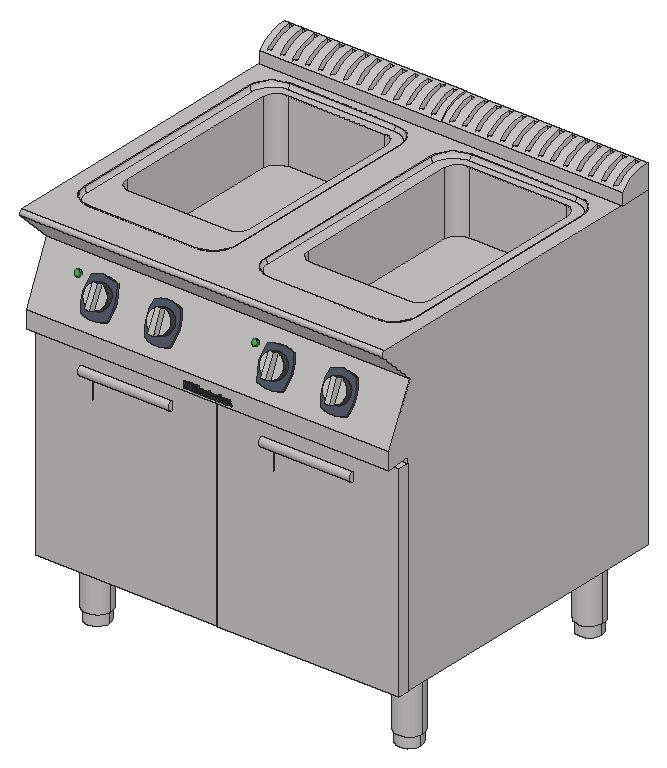
Revit family "QF_ELECTROLUXPROFESSIONAL_371099_E7PCEH2KF0", category Specialty Equipment, Revit 2018 (continued)
Automatic sketch dimensions
  Extrusion 19 sketch curve to plane 7 "Center Y" = 126.721 mm
  Extrusion 19 sketch curve to Extrusion 19 sketch curve = 9.296 mm
  Extrusion 19 sketch curve to Extrusion 19 sketch curve = 57.15 mm
  plane 1 "BACK" to Extrusion 20 sketch curve = 6.761 mm
  Extrusion 20 sketch curve to plane 7 "Center Y" = 98.878 mm
  Extrusion 20 sketch curve to Extrusion 20 sketch curve = 9.296 mm
  Extrusion 20 sketch curve to Extrusion 20 sketch curve = 57.15 mm
  plane 1 "BACK" to Extrusion 21 sketch curve = 6.761 mm
  Extrusion 21 sketch curve to plane 7 "Center Y" = 71.036 mm
  Extrusion 21 sketch curve to Extrusion 21 sketch curve = 9.296 mm
  Extrusion 21 sketch curve to Extrusion 21 sketch curve = 57.15 mm
  plane 1 "BACK" to Extrusion 22 sketch curve = 6.761 mm
  Extrusion 22 sketch curve to plane 7 "Center Y" = 43.194 mm
  Extrusion 22 sketch curve to Extrusion 22 sketch curve = 9.296 mm
  Extrusion 22 sketch curve to Extrusion 22 sketch curve = 57.15 mm
  Extrusion 24 sketch curve to plane 1 "BACK" = 6.761 mm
  Extrusion 24 sketch curve to plane 7 "Center Y" = 15.351 mm
  Extrusion 24 sketch curve to Extrusion 24 sketch curve = 9.296 mm
  Extrusion 24 sketch curve to Extrusion 24 sketch curve = 57.15 mm
  Extrusion 31 sketch curve to plane 1 "BACK" = 6.761 mm
  Extrusion 31 sketch curve to plane 7 "Center Y" = 182.405 mm
  Extrusion 31 sketch curve to Extrusion 31 sketch curve = 9.296 mm
  Extrusion 31 sketch curve to Extrusion 31 sketch curve = 57.15 mm
  Extrusion 32 sketch curve to plane 1 "BACK" = 6.761 mm
  Extrusion 32 sketch curve to plane 7 "Center Y" = 154.563 mm
  Extrusion 32 sketch curve to Extrusion 32 sketch curve = 9.296 mm
  Extrusion 32 sketch curve to Extrusion 32 sketch curve = 57.15 mm
  Extrusion 33 sketch curve to plane 1 "BACK" = 6.761 mm
  Extrusion 33 sketch curve to plane 7 "Center Y" = 126.721 mm
  Extrusion 33 sketch curve to Extrusion 33 sketch curve = 9.296 mm
  Extrusion 33 sketch curve to Extrusion 33 sketch curve = 57.15 mm
  Extrusion 34 sketch curve to plane 1 "BACK" = 6.761 mm
  Extrusion 34 sketch curve to plane 7 "Center Y" = 98.878 mm
  Extrusion 34 sketch curve to Extrusion 34 sketch curve = 9.296 mm
  Extrusion 34 sketch curve to Extrusion 34 sketch curve = 57.15 mm
  Extrusion 35 sketch curve to plane 1 "BACK" = 6.761 mm
  Extrusion 35 sketch curve to plane 7 "Center Y" = 71.036 mm
  Extrusion 35 sketch curve to Extrusion 35 sketch curve = 9.296 mm
  Extrusion 35 sketch curve to Extrusion 35 sketch curve = 57.15 mm
  Extrusion 36 sketch curve to plane 1 "BACK" = 6.761 mm
  Extrusion 36 sketch curve to plane 7 "Center Y" = 43.194 mm
  Extrusion 36 sketch curve to Extrusion 36 sketch curve = 9.296 mm
  Extrusion 36 sketch curve to Extrusion 36 sketch curve = 57.15 mm
  plane 1 "BACK" to Extrusion 37 sketch curve = 0 mm
  plane 7 "Center Y" to Extrusion 37 sketch curve = 1.587 mm
  Extrusion 37 sketch curve to plane 7 "Center Y" = 1.588 mm
  Extrusion 37 sketch curve to plane 1 "BACK" = 69.85 mm
  Extrusion 39 sketch curve to plane 5 "FRONT" = 42.863 mm
  Extrusion 39 sketch curve to Extrusion 39 sketch curve = 15 mm
  Extrusion 39 sketch curve to plane 9 "BASE" = 101.212 mm
  Extrusion 39 sketch curve to Extrusion 39 sketch curve = 41.212 mm
  Extrusion 40 sketch curve to plane 5 "FRONT" = 42.863 mm
  Extrusion 40 sketch curve to plane 9 "BASE" = 60 mm
  Extrusion 40 sketch curve to Extrusion 40 sketch curve = 10 mm
  Extrusion 41 sketch curve to plane 5 "FRONT" = 42.863 mm
  Extrusion 41 sketch curve to Extrusion 41 sketch curve = 15 mm
  Extrusion 41 sketch curve to plane 9 "BASE" = 60 mm
  Extrusion 41 sketch curve to Extrusion 41 sketch curve = 41.212 mm
  Extrusion 42 sketch curve to plane 5 "FRONT" = 42.863 mm
  Extrusion 42 sketch curve to plane 9 "BASE" = 40 mm
  Extrusion 42 sketch curve to Extrusion 42 sketch curve = 10 mm
  Revolve 43 sketch curve to level = 0 mm
  Revolve 43 sketch curve to plane 14 = 0 mm  (x2)
  level to Revolve 43 sketch curve = 25 mm
  Revolve 43 sketch curve to Revolve 43 sketch curve = 20 mm
  plane 3 "LEFT" to Revolve 43 sketch curve = 56 mm
  Revolve 43 sketch curve to Revolve 43 sketch curve = 0 mm
  plane 3 "LEFT" to Revolve 43 sketch curve = 29.75 mm
  plane 3 "LEFT" to Revolve 43 sketch curve = 26 mm
  Revolve 44 sketch curve to level = 0 mm
  Revolve 44 sketch curve to plane 14 = 0 mm  (x2)
  level to Revolve 44 sketch curve = 25 mm
  Revolve 44 sketch curve to Revolve 44 sketch curve = 20 mm
  plane 3 "LEFT" to Revolve 44 sketch curve = 56 mm
  Revolve 44 sketch curve to Revolve 44 sketch curve = 0 mm
  plane 3 "LEFT" to Revolve 44 sketch curve = 29.75 mm
  plane 3 "LEFT" to Revolve 44 sketch curve = 26 mm
  Sweep 50 sketch curve to plane 11 = 2.62 mm  (x2)
  Sweep 50 sketch curve to plane 7 "Center Y" = 33.337 mm
  plane 11 to Sweep 50 sketch curve = 47.38 mm
  Sweep 50 sketch curve to plane 12 = 57.513 mm
  Sweep 50 sketch curve to Sweep 50 sketch curve = 50 mm  (x2)
  plane 3 "LEFT" to Sweep 50 sketch curve = 83.338 mm
  profile plane to Sweep 50 sketch curve = 0 mm
  Sweep 50 sketch curve to plane 10 "TOP A" = 0 mm
  Sweep 50 sketch curve to profile plane = 5.055 mm
  Sweep 50 sketch curve to profile plane = 14.151 mm
  Extrusion 2 sketch curve to plane 10 "TOP A" = 0 mm
  Extrusion 2 sketch curve to plane 1 "BACK" = 0 mm
  Extrusion 2 sketch curve to plane 6 "TOP" = 0 mm
  plane 1 "BACK" to Extrusion 2 sketch curve = 1.769 mm
  plane 10 "TOP A" to Extrusion 2 sketch curve = 25.4 mm
  plane 1 "BACK" to Extrusion 2 sketch curve = 69.85 mm
  Extrusion 3 sketch curve to plane 12 = 7.513 mm  (x3)
  Extrusion 3 sketch curve to plane 4 "RIGHT" = 33.338 mm
  Extrusion 3 sketch curve to plane 12 = 57.513 mm
  Extrusion 3 sketch curve to plane 11 = 2.62 mm  (x3)
  Extrusion 3 sketch curve to Extrusion 3 sketch curve = 50 mm  (x3)
  plane 7 "Center Y" to Extrusion 3 sketch curve = 83.337 mm
  Extrusion 3 sketch curve to plane 7 "Center Y" = 33.337 mm
  plane 11 to Extrusion 3 sketch curve = 47.38 mm
  plane 3 "LEFT" to Extrusion 3 sketch curve = 83.338 mm  (x2)
  Extrusion 5 sketch curve to Extrusion 1 = 31.333 mm  (x8)
  Extrusion 5 sketch curve to Extrusion 5 sketch curve = 12.3 mm  (x12)
  Extrusion 5 sketch curve to Extrusion 5 sketch curve = 34.925 mm  (x6)
  Extrusion 5 sketch curve to Extrusion 5 sketch curve = 0 mm  (x2)
  Extrusion 1 to Extrusion 5 sketch curve = 44.467 mm  (x4)
  Extrusion 1 to Extrusion 5 sketch curve = 76.335 mm
  Extrusion 5 sketch curve to Extrusion 5 sketch curve = 25.727 mm  (x8)
  Extrusion 5 sketch curve to Extrusion 5 sketch curve = 28.575 mm  (x4)
  Extrusion 5 sketch curve to Extrusion 5 sketch curve = 31.396 mm  (x2)
  Extrusion 5 sketch curve to Extrusion 5 sketch curve = 140.219 mm
  Extrusion 6 sketch curve to Extrusion 6 sketch curve = 0 mm  (x3)
  Extrusion 6 sketch curve to Extrusion 6 sketch curve = 140 mm
  Extrusion 6 sketch curve to Extrusion 6 sketch curve = 248.937 mm
  Extrusion 6 sketch curve to Extrusion 6 sketch curve = 139.885 mm
  Extrusion 7 sketch curve to Extrusion 7 sketch curve = 24.732 mm  (x4)
  Extrusion 7 sketch curve to Extrusion 7 sketch curve = 0 mm  (x4)
  Extrusion 1 to Extrusion 8 sketch curve = 39.678 mm  (x2)
  Extrusion 1 to Extrusion 8 sketch curve = 324.515 mm
  Extrusion 1 to Extrusion 8 sketch curve = 83.473 mm
  plane 1 "BACK" to Extrusion 9 sketch curve = 0 mm
  Extrusion 9 sketch curve to plane 3 "LEFT" = 0 mm
  Extrusion 9 sketch curve to plane 4 "RIGHT" = 0 mm
  Extrusion 9 sketch curve to plane 3 "LEFT" = 150.019 mm
  plane 5 "FRONT" to Extrusion 9 sketch curve = 1.377 mm  (x2)
  plane 4 "RIGHT" to Extrusion 9 sketch curve = 150.019 mm
  Extrusion 9 sketch curve to plane 1 "BACK" = 150.019 mm
  curve 129 to curve 151 = 0 mm  (x2)
  curve 131 to curve 145 = 0 mm
  curve 133 to curve 147 = 0 mm  (x2)
  curve 135 to curve 149 = 0 mm  (x2)
  curve 153 to curve 175 = 0 mm  (x2)
  curve 155 to curve 169 = 0 mm  (x2)
  curve 157 to curve 171 = 0 mm
  curve 159 to curve 173 = 0 mm  (x2)
  curve 98 to plane 4 "RIGHT" = 0 mm
  curve 7 to plane 4 "RIGHT" = 0 mm
  plane 5 "FRONT" to curve 99 = 0 mm
  plane 1 "BACK" to curve 93 = 0 mm
  curve 5 to plane 3 "LEFT" = 0 mm
  curve 96 to plane 3 "LEFT" = 0 mm
  plane 4 "RIGHT" to curve 3 = 150.019 mm
  curve 52 to plane 4 "RIGHT" = 13.453 mm
  curve 52 to curve 51 = 9.296 mm
  curve 157 to plane 11 = 2.62 mm
  curve 157 to plane 4 "RIGHT" = 33.338 mm
  curve 156 to curve 170 = 5.055 mm
  curve 51 to curve 58 = 18.547 mm
  curve 58 to curve 57 = 9.296 mm
  curve 165 to plane 4 "RIGHT" = 63.338 mm
  plane 1 "BACK" to curve 62 = 6.761 mm
  curve 57 to curve 62 = 18.547 mm
  curve 99 to plane 4 "RIGHT" = 74.24 mm
  curve 170 to curve 157 = 44.945 mm
  curve 60 to curve 155 = 4.904 mm
  curve 169 to curve 160 = 10 mm
  curve 166 to curve 165 = 30 mm
  plane 1 "BACK" to curve 65 = 6.761 mm
  curve 60 to curve 65 = 18.547 mm
  curve 64 to curve 65 = 9.296 mm
  curve 67 to curve 66 = 9.296 mm
  plane 1 "BACK" to curve 71 = 6.761 mm
  curve 66 to curve 71 = 18.547 mm
  curve 70 to curve 69 = 9.296 mm
  plane 1 "BACK" to curve 74 = 6.761 mm
  curve 69 to curve 74 = 18.547 mm
  curve 73 to curve 74 = 9.296 mm
  curve 76 to curve 75 = 9.296 mm
  plane 1 "BACK" to curve 79 = 6.761 mm
  curve 75 to curve 79 = 18.547 mm
  curve 79 to curve 78 = 9.296 mm
  curve 82 to curve 81 = 9.296 mm
  plane 1 "BACK" to curve 86 = 6.761 mm
  curve 81 to curve 86 = 18.547 mm
  curve 85 to curve 86 = 9.296 mm
  plane 7 "Center Y" to curve 163 = 93.338 mm
  curve 84 to curve 161 = 5.541 mm
  curve 159 to plane 11 = 2.62 mm
  curve 164 to curve 159 = 10 mm
  curve 161 to curve 175 = 10 mm
  plane 1 "BACK" to curve 88 = 6.761 mm
  curve 84 to curve 88 = 18.547 mm
  curve 88 to curve 87 = 9.296 mm
  curve 161 to plane 12 = 7.513 mm
  curve 153 to curve 161 = 20 mm
  plane 7 "Center Y" to curve 99 = 54.971 mm
  plane 1 "BACK" to curve 91 = 6.761 mm
  curve 87 to curve 91 = 18.547 mm
  curve 90 to curve 55 = 18.547 mm
  curve 55 to curve 54 = 9.296 mm
  plane 7 "Center Y" to curve 98 = 3.9 mm
  plane 7 "Center Y" to curve 95 = 1.588 mm
  curve 11 to plane 7 "Center Y" = 1.587 mm
  curve 96 to plane 7 "Center Y" = 3.9 mm
  curve 11 to curve 12 = 13.764 mm
  curve 128 to plane 7 "Center Y" = 33.338 mm
  curve 135 to curve 149 = 5.055 mm
  curve 48 to curve 49 = 9.296 mm
  curve 97 to plane 7 "Center Y" = 54.971 mm
  curve 139 to plane 7 "Center Y" = 63.337 mm
  plane 1 "BACK" to curve 47 = 6.761 mm
  curve 49 to curve 47 = 18.547 mm
  curve 45 to curve 46 = 9.296 mm
  plane 11 to curve 149 = 42.325 mm
  curve 150 to curve 149 = 44.945 mm
  curve 151 to plane 12 = 7.513 mm
  curve 137 to curve 151 = 20 mm
  curve 138 to curve 140 = 30 mm
  curve 129 to curve 137 = 10 mm
  plane 1 "BACK" to curve 42 = 6.761 mm
  curve 46 to curve 42 = 18.547 mm
  curve 42 to curve 43 = 9.296 mm
  curve 39 to curve 40 = 9.296 mm
  curve 40 to curve 36 = 18.547 mm
  plane 1 "BACK" to curve 33 = 6.761 mm
  curve 37 to curve 33 = 18.547 mm
  curve 33 to curve 34 = 9.296 mm
  curve 30 to curve 31 = 9.296 mm
  plane 1 "BACK" to curve 29 = 6.761 mm
  curve 31 to curve 29 = 18.547 mm
  curve 24 to curve 25 = 9.296 mm
  plane 1 "BACK" to curve 23 = 6.761 mm
  curve 25 to curve 23 = 18.547 mm
  curve 21 to curve 23 = 9.296 mm
  plane 3 "LEFT" to curve 140 = 93.338 mm
  curve 22 to curve 143 = 3.642 mm
  curve 133 to plane 11 = 2.62 mm
  curve 140 to curve 133 = 10 mm
  curve 143 to curve 144 = 10 mm
  plane 1 "BACK" to curve 20 = 6.761 mm
  curve 22 to curve 20 = 18.547 mm
  curve 97 to curve 5 = 74.24 mm
  curve 18 to curve 19 = 9.296 mm
  curve 142 to plane 12 = 7.513 mm
  curve 131 to curve 142 = 20 mm
  curve 15 to curve 17 = 9.296 mm
  plane 1 "BACK" to curve 10 = 6.761 mm
  curve 16 to curve 10 = 18.547 mm
  curve 8 to curve 9 = 9.296 mm
  curve 2 to plane 3 "LEFT" = 150.019 mm
  curve 1 to plane 1 "BACK" = 150.019 mm
  plane 1 "BACK" to curve 12 = 6.761 mm
  plane 1 "BACK" to curve 83 = 6.761 mm
  plane 1 "BACK" to curve 15 = 6.761 mm
  plane 1 "BACK" to curve 77 = 6.761 mm
  plane 1 "BACK" to curve 24 = 6.761 mm
  plane 1 "BACK" to curve 68 = 6.761 mm
  plane 1 "BACK" to curve 30 = 6.761 mm
  plane 1 "BACK" to curve 36 = 6.761 mm
  plane 1 "BACK" to curve 59 = 6.761 mm
  plane 1 "BACK" to curve 39 = 6.761 mm
  plane 1 "BACK" to curve 56 = 6.761 mm
  plane 1 "BACK" to curve 53 = 6.761 mm
  plane 1 "BACK" to curve 50 = 6.761 mm
  curve 49 to curve 129 = 26.213 mm
  curve 51 to curve 51 = 57.15 mm
  curve 54 to curve 54 = 57.15 mm
  curve 57 to curve 51 = 0 mm
  curve 60 to curve 57 = 0 mm
  curve 63 to curve 60 = 0 mm
  curve 66 to curve 63 = 0 mm
  curve 69 to curve 66 = 0 mm
  curve 72 to curve 69 = 0 mm
  curve 75 to curve 72 = 0 mm
  curve 78 to curve 75 = 0 mm
  curve 81 to curve 78 = 0 mm
  curve 84 to curve 81 = 0 mm
  curve 91 to curve 87 = 0 mm
  curve 52 to curve 95 = 5.939 mm
  curve 94 to curve 93 = 0 mm
  curve 154 to curve 160 = 20 mm
  curve 163 to curve 159 = 80 mm
  curve 142 to curve 133 = 80 mm
  curve 98 to plane 5 "FRONT" = 42.863 mm
  curve 96 to plane 5 "FRONT" = 42.863 mm
  plane 5 "FRONT" to curve 3 = 1.377 mm
  plane 5 "FRONT" to curve 1 = 1.377 mm
  Extrusion 23 sketch curve to plane 1 "BACK" = 6.761 mm
  plane 4 "RIGHT" to Extrusion 23 sketch curve = 22.749 mm
  Extrusion 23 sketch curve to Extrusion 23 sketch curve = 9.296 mm
  Extrusion 23 sketch curve to Extrusion 23 sketch curve = 57.15 mm
  Extrusion 25 sketch curve to plane 1 "BACK" = 6.761 mm
  plane 4 "RIGHT" to Extrusion 25 sketch curve = 50.591 mm
  Extrusion 25 sketch curve to Extrusion 25 sketch curve = 9.296 mm
  Extrusion 25 sketch curve to Extrusion 25 sketch curve = 57.15 mm
  Extrusion 26 sketch curve to plane 1 "BACK" = 6.761 mm
  plane 4 "RIGHT" to Extrusion 26 sketch curve = 78.433 mm
  Extrusion 26 sketch curve to Extrusion 26 sketch curve = 9.296 mm
  Extrusion 26 sketch curve to Extrusion 26 sketch curve = 57.15 mm
  Extrusion 27 sketch curve to plane 1 "BACK" = 6.761 mm
  plane 4 "RIGHT" to Extrusion 27 sketch curve = 106.275 mm
  Extrusion 27 sketch curve to Extrusion 27 sketch curve = 9.296 mm
  Extrusion 27 sketch curve to Extrusion 27 sketch curve = 57.15 mm
  Extrusion 28 sketch curve to plane 1 "BACK" = 6.761 mm
  plane 4 "RIGHT" to Extrusion 28 sketch curve = 134.118 mm
  Extrusion 28 sketch curve to Extrusion 28 sketch curve = 9.296 mm
  Extrusion 28 sketch curve to Extrusion 28 sketch curve = 57.15 mm
  Extrusion 29 sketch curve to plane 1 "BACK" = 6.761 mm
  plane 4 "RIGHT" to Extrusion 29 sketch curve = 161.96 mm
  Extrusion 29 sketch curve to Extrusion 29 sketch curve = 9.296 mm
  Extrusion 29 sketch curve to Extrusion 29 sketch curve = 57.15 mm
  Extrusion 30 sketch curve to plane 1 "BACK" = 6.761 mm
  plane 4 "RIGHT" to Extrusion 30 sketch curve = 189.802 mm
  Extrusion 30 sketch curve to Extrusion 30 sketch curve = 9.296 mm
  Extrusion 30 sketch curve to Extrusion 30 sketch curve = 57.15 mm
  Extrusion 38 sketch curve to Extrusion 1 = 0 mm
  Extrusion 1 to Extrusion 38 sketch curve = 12.7 mm
  Extrusion 1 to Extrusion 38 sketch curve = 398.463 mm
  Extrusion 38 sketch curve to Extrusion 38 sketch curve = 3.175 mm
  Revolve 45 sketch curve to level = 0 mm
  Revolve 45 sketch curve to plane 14 = 0 mm  (x2)
  level to Revolve 45 sketch curve = 25 mm
  Revolve 45 sketch curve to Revolve 45 sketch curve = 20 mm
  Revolve 45 sketch curve to plane 4 "RIGHT" = 26 mm
  Revolve 45 sketch curve to Revolve 45 sketch curve = 3.75 mm
  Revolve 45 sketch curve to Revolve 45 sketch curve = 30 mm
  Revolve 45 sketch curve to Revolve 45 sketch curve = 0 mm
  Revolve 46 sketch curve to level = 0 mm
  Revolve 46 sketch curve to plane 14 = 0 mm  (x2)
  level to Revolve 46 sketch curve = 25 mm
  Revolve 46 sketch curve to Revolve 46 sketch curve = 20 mm
  Revolve 46 sketch curve to plane 4 "RIGHT" = 26 mm
  Revolve 46 sketch curve to Revolve 46 sketch curve = 3.75 mm
  Revolve 46 sketch curve to Revolve 46 sketch curve = 30 mm
  Revolve 46 sketch curve to Revolve 46 sketch curve = 0 mm
  Extrusion 47 sketch curve to plane 4 "RIGHT" = 0 mm
  Extrusion 47 sketch curve to plane 3 "LEFT" = 0 mm
  plane 7 "Center Y" to Extrusion 47 sketch curve = 1.588 mm
  Extrusion 47 sketch curve to plane 7 "Center Y" = 1.588 mm
  Extrusion 47 sketch curve to plane 5 "FRONT" = 42.863 mm  (x2)
  Extrusion 49 sketch curve to plane 11 = 2.62 mm  (x2)
  Extrusion 49 sketch curve to plane 4 "RIGHT" = 33.338 mm
  Extrusion 49 sketch curve to plane 4 "RIGHT" = 63.338 mm
  Extrusion 49 sketch curve to plane 12 = 7.513 mm  (x6)
  Extrusion 49 sketch curve to Extrusion 49 sketch curve = 20 mm  (x2)
  plane 11 to Extrusion 49 sketch curve = 47.38 mm  (x2)
  Extrusion 49 sketch curve to Extrusion 49 sketch curve = 30 mm  (x4)
  Extrusion 49 sketch curve to Extrusion 49 sketch curve = 10 mm  (x4)
  plane 7 "Center Y" to Extrusion 49 sketch curve = 93.337 mm  (x2)
  Extrusion 49 sketch curve to plane 12 = 37.513 mm
  plane 7 "Center Y" to Extrusion 49 sketch curve = 83.337 mm
  Extrusion 49 sketch curve to plane 7 "Center Y" = 33.338 mm
  Extrusion 49 sketch curve to Extrusion 49 sketch curve = 50 mm
  plane 3 "LEFT" to Extrusion 49 sketch curve = 93.338 mm
  plane 3 "LEFT" to Extrusion 49 sketch curve = 83.338 mm
  Extrusion 49 sketch curve to Extrusion 49 sketch curve = 80 mm  (x2)
  Sweep 51 sketch curve to plane 11 = 2.62 mm  (x2)
  plane 7 "Center Y" to Sweep 51 sketch curve = 33.337 mm
  plane 11 to Sweep 51 sketch curve = 47.38 mm
  Sweep 51 sketch curve to plane 12 = 57.513 mm
  Sweep 51 sketch curve to Sweep 51 sketch curve = 50 mm  (x2)
  Sweep 51 sketch curve to plane 4 "RIGHT" = 83.338 mm
  Sweep 51 sketch curve to plane 10 "TOP A" = 0 mm
  profile plane to Sweep 51 sketch curve = 0 mm
  Sweep 51 sketch curve to Sweep 51 sketch curve = 5.055 mm
  Sweep 51 sketch curve to Sweep 51 sketch curve = 14.151 mm
  curve 61 to curve 60 = 9.296 mm
  curve 63 to curve 67 = 18.547 mm
  curve 72 to curve 77 = 18.547 mm
  curve 78 to curve 82 = 18.547 mm
  curve 91 to curve 92 = 9.296 mm
  curve 12 to curve 13 = 9.296 mm
  curve 13 to curve 50 = 18.547 mm
  curve 43 to curve 39 = 18.547 mm
  curve 36 to curve 37 = 9.296 mm
  curve 34 to curve 32 = 18.547 mm
  curve 27 to curve 28 = 9.296 mm
  curve 28 to curve 24 = 18.547 mm
  curve 19 to curve 15 = 18.547 mm
  curve 60 to curve 61 = 0 mm
  curve 57 to curve 58 = 0 mm
  curve 63 to curve 64 = 0 mm
  curve 54 to curve 55 = 0 mm
  curve 51 to curve 52 = 0 mm
  curve 66 to curve 67 = 0 mm
  curve 49 to curve 48 = 0 mm
  curve 46 to curve 129 = 26.213 mm
  curve 69 to curve 70 = 0 mm
  curve 46 to curve 45 = 0 mm
  curve 43 to curve 46 = 0 mm
  curve 43 to curve 42 = 0 mm
  curve 40 to curve 43 = 0 mm
  curve 72 to curve 73 = 0 mm
  curve 40 to curve 39 = 0 mm
  curve 37 to curve 40 = 0 mm
  curve 37 to curve 36 = 0 mm
  curve 34 to curve 37 = 0 mm
  curve 75 to curve 76 = 0 mm
  curve 34 to curve 33 = 0 mm
  curve 31 to curve 34 = 0 mm
  curve 31 to curve 30 = 0 mm
  curve 28 to curve 31 = 0 mm
  curve 78 to curve 79 = 0 mm
  curve 28 to curve 27 = 0 mm
  curve 25 to curve 28 = 0 mm
  curve 25 to curve 24 = 0 mm
  curve 22 to curve 25 = 0 mm
  curve 81 to curve 82 = 0 mm
  curve 22 to curve 21 = 0 mm
  curve 19 to curve 22 = 0 mm
  curve 19 to curve 18 = 0 mm
  curve 16 to curve 19 = 0 mm
  curve 84 to curve 85 = 0 mm
  curve 16 to curve 15 = 0 mm
  curve 48 to curve 13 = 0 mm
  curve 13 to curve 12 = 0 mm
  curve 55 to curve 91 = 0 mm
  curve 87 to curve 88 = 0 mm
  curve 90 to curve 91 = 0 mm
  curve 9 to curve 11 = 5.939 mm
  curve 9 to curve 8 = 0 mm
  plane 9 "BASE" to Extrusion 52 sketch curve = 9.251 mm
  plane 9 "BASE" to Extrusion 52 sketch curve = 14.292 mm
  plane 7 "Center Y" to Extrusion 52 sketch curve = 5.651 mm
  plane 9 "BASE" to Extrusion 52 sketch curve = 14.311 mm
  Extrusion 52 sketch curve to Extrusion 52 sketch curve = 0 mm  (x28)
  Extrusion 52 sketch curve to Extrusion 52 sketch curve = 5.108 mm  (x2)
  Extrusion 52 sketch curve to Extrusion 52 sketch curve = 0.054 mm
  Extrusion 52 sketch curve to Extrusion 52 sketch curve = 0.218 mm
  Extrusion 52 sketch curve to Extrusion 52 sketch curve = 0.195 mm
  Extrusion 52 sketch curve to Extrusion 52 sketch curve = 0.249 mm
  plane 9 "BASE" to Extrusion 52 sketch curve = 14.608 mm
  Extrusion 52 sketch curve to Extrusion 52 sketch curve = 0.087 mm
  Extrusion 52 sketch curve to Extrusion 52 sketch curve = 0.358 mm
  Extrusion 52 sketch curve to Extrusion 52 sketch curve = 0.481 mm
  Extrusion 52 sketch curve to Extrusion 52 sketch curve = 0.597 mm
  Extrusion 52 sketch curve to Extrusion 52 sketch curve = 0.544 mm
  Extrusion 52 sketch curve to Extrusion 52 sketch curve = 0.936 mm
  Extrusion 52 sketch curve to Extrusion 52 sketch curve = 0.594 mm
  Extrusion 52 sketch curve to Extrusion 52 sketch curve = 0.343 mm
  Extrusion 52 sketch curve to Extrusion 52 sketch curve = 0.159 mm
  Extrusion 52 sketch curve to Extrusion 52 sketch curve = 0.826 mm
  Extrusion 52 sketch curve to Extrusion 52 sketch curve = 0.839 mm
  Extrusion 52 sketch curve to Extrusion 52 sketch curve = 0.852 mm
  Extrusion 52 sketch curve to Extrusion 52 sketch curve = 0.887 mm
  Extrusion 52 sketch curve to Extrusion 52 sketch curve = 0.928 mm
  Extrusion 52 sketch curve to Extrusion 52 sketch curve = 0.938 mm
  Extrusion 52 sketch curve to Extrusion 52 sketch curve = 0.444 mm
  Extrusion 52 sketch curve to Extrusion 52 sketch curve = 1.11 mm  (x3)
  Extrusion 52 sketch curve to Extrusion 52 sketch curve = 0.215 mm
  plane 7 "Center Y" to Extrusion 52 sketch curve = 0.014 mm
  Extrusion 52 sketch curve to Extrusion 52 sketch curve = 1.43 mm
  Extrusion 52 sketch curve to Extrusion 52 sketch curve = 1.188 mm
  Extrusion 52 sketch curve to Extrusion 52 sketch curve = 1.21 mm  (x2)
  Extrusion 52 sketch curve to Extrusion 52 sketch curve = 0.503 mm
  Extrusion 52 sketch curve to Extrusion 52 sketch curve = 0.488 mm
  Extrusion 52 sketch curve to Extrusion 52 sketch curve = 0.462 mm
  Extrusion 52 sketch curve to Extrusion 52 sketch curve = 1.386 mm
  Extrusion 52 sketch curve to Extrusion 52 sketch curve = 1.742 mm  (x2)
  Extrusion 52 sketch curve to Extrusion 52 sketch curve = 0.821 mm
  Extrusion 52 sketch curve to Extrusion 52 sketch curve = 0.497 mm
  Extrusion 52 sketch curve to Extrusion 52 sketch curve = 0.539 mm
  Extrusion 52 sketch curve to Extrusion 52 sketch curve = 0.686 mm
  Extrusion 52 sketch curve to plane 7 "Center Y" = 0.36 mm
  Extrusion 52 sketch curve to Extrusion 52 sketch curve = 0.408 mm
  Extrusion 52 sketch curve to Extrusion 52 sketch curve = 0.743 mm
  Extrusion 52 sketch curve to Extrusion 52 sketch curve = 1.16 mm
  Extrusion 52 sketch curve to Extrusion 52 sketch curve = 0.329 mm
  Extrusion 52 sketch curve to Extrusion 52 sketch curve = 1.054 mm
  Extrusion 52 sketch curve to Extrusion 52 sketch curve = 1.056 mm
  Extrusion 52 sketch curve to Extrusion 52 sketch curve = 0.129 mm
  Extrusion 52 sketch curve to Extrusion 52 sketch curve = 0.489 mm
  Extrusion 52 sketch curve to Extrusion 52 sketch curve = 0.441 mm
  Extrusion 52 sketch curve to Extrusion 52 sketch curve = 1.151 mm
  Extrusion 52 sketch curve to Extrusion 52 sketch curve = 1.141 mm  (x2)
  Extrusion 52 sketch curve to Extrusion 52 sketch curve = 0.768 mm
  Extrusion 52 sketch curve to Extrusion 52 sketch curve = 1.653 mm
  Extrusion 52 sketch curve to Extrusion 52 sketch curve = 0.499 mm
  Extrusion 52 sketch curve to Extrusion 52 sketch curve = 0.964 mm
  Extrusion 52 sketch curve to Extrusion 52 sketch curve = 0.949 mm
  Extrusion 52 sketch curve to Extrusion 52 sketch curve = 1.345 mm  (x2)
  Extrusion 52 sketch curve to Extrusion 52 sketch curve = 0.137 mm  (x2)
  Extrusion 52 sketch curve to Extrusion 52 sketch curve = 0.432 mm
  Extrusion 52 sketch curve to Extrusion 52 sketch curve = 1.142 mm
  Extrusion 52 sketch curve to Extrusion 52 sketch curve = 0.959 mm
  Extrusion 52 sketch curve to Extrusion 52 sketch curve = 0.176 mm
  Extrusion 52 sketch curve to Extrusion 52 sketch curve = 0.728 mm
  Extrusion 52 sketch curve to Extrusion 52 sketch curve = 3.375 mm  (x2)
  Extrusion 52 sketch curve to Extrusion 52 sketch curve = 1.905 mm
  Extrusion 52 sketch curve to Extrusion 52 sketch curve = 0.955 mm
  Extrusion 52 sketch curve to Extrusion 52 sketch curve = 1.251 mm
  Extrusion 52 sketch curve to Extrusion 52 sketch curve = 0.572 mm
  Extrusion 52 sketch curve to Extrusion 52 sketch curve = 1.92 mm
  Extrusion 52 sketch curve to Extrusion 52 sketch curve = 1.224 mm
  Extrusion 52 sketch curve to Extrusion 52 sketch curve = 0.745 mm
  Extrusion 52 sketch curve to Extrusion 52 sketch curve = 0.036 mm
  Extrusion 52 sketch curve to Extrusion 52 sketch curve = 0.896 mm  (x3)
  Extrusion 52 sketch curve to Extrusion 52 sketch curve = 2.607 mm
  Extrusion 52 sketch curve to Extrusion 52 sketch curve = 0.066 mm
  Extrusion 52 sketch curve to Extrusion 52 sketch curve = 0.248 mm
  Extrusion 52 sketch curve to Extrusion 52 sketch curve = 0.449 mm
  Extrusion 52 sketch curve to Extrusion 52 sketch curve = 1.052 mm
  Extrusion 52 sketch curve to Extrusion 52 sketch curve = 1.863 mm
  Extrusion 52 sketch curve to Extrusion 52 sketch curve = 1.31 mm  (x2)
  Extrusion 52 sketch curve to Extrusion 52 sketch curve = 0.901 mm
  Extrusion 52 sketch curve to Extrusion 52 sketch curve = 1.107 mm
  Extrusion 52 sketch curve to Extrusion 52 sketch curve = 2.122 mm
  Extrusion 52 sketch curve to Extrusion 52 sketch curve = 2.101 mm
  Extrusion 52 sketch curve to Extrusion 52 sketch curve = 0.106 mm
  Extrusion 52 sketch curve to Extrusion 52 sketch curve = 0.029 mm
  Extrusion 52 sketch curve to Extrusion 52 sketch curve = 2.09 mm
  Extrusion 52 sketch curve to Extrusion 52 sketch curve = 1.279 mm
  Extrusion 52 sketch curve to Extrusion 52 sketch curve = 2.008 mm
  Extrusion 52 sketch curve to Extrusion 52 sketch curve = 0.738 mm
  Extrusion 52 sketch curve to Extrusion 52 sketch curve = 0.382 mm
  Extrusion 52 sketch curve to Extrusion 52 sketch curve = 0.384 mm
  Extrusion 52 sketch curve to Extrusion 52 sketch curve = 0.002 mm
  Extrusion 52 sketch curve to Extrusion 52 sketch curve = 0.561 mm
  Extrusion 52 sketch curve to Extrusion 52 sketch curve = 0.592 mm
  Extrusion 52 sketch curve to Extrusion 52 sketch curve = 2.692 mm
  Extrusion 52 sketch curve to Extrusion 52 sketch curve = 1.259 mm
  Extrusion 52 sketch curve to Extrusion 52 sketch curve = 0.802 mm
  Extrusion 52 sketch curve to Extrusion 52 sketch curve = 1.024 mm  (x2)
  Extrusion 52 sketch curve to Extrusion 52 sketch curve = 0.682 mm
  Extrusion 52 sketch curve to Extrusion 52 sketch curve = 5.934 mm
  Extrusion 52 sketch curve to Extrusion 52 sketch curve = 2.186 mm
  Extrusion 52 sketch curve to Extrusion 52 sketch curve = 0.337 mm
  Extrusion 52 sketch curve to Extrusion 52 sketch curve = 0.021 mm
  Extrusion 52 sketch curve to Extrusion 52 sketch curve = 1.005 mm
  Extrusion 52 sketch curve to Extrusion 52 sketch curve = 0.552 mm
  Extrusion 52 sketch curve to Extrusion 52 sketch curve = 0.778 mm
  Extrusion 52 sketch curve to Extrusion 52 sketch curve = 0.063 mm
  Extrusion 52 sketch curve to Extrusion 52 sketch curve = 1.023 mm
  Extrusion 52 sketch curve to Extrusion 52 sketch curve = 3.804 mm
  Extrusion 52 sketch curve to Extrusion 52 sketch curve = 0.486 mm
  Extrusion 52 sketch curve to Extrusion 52 sketch curve = 0.266 mm  (x2)
  Extrusion 52 sketch curve to plane 7 "Center Y" = 1.105 mm
  Extrusion 52 sketch curve to Extrusion 52 sketch curve = 1.547 mm
  Extrusion 52 sketch curve to Extrusion 52 sketch curve = 0.717 mm  (x2)
  Extrusion 52 sketch curve to Extrusion 52 sketch curve = 1.667 mm
  Extrusion 52 sketch curve to Extrusion 52 sketch curve = 3.174 mm
  plane 7 "Center Y" to Extrusion 52 sketch curve = 0.05 mm
  Extrusion 52 sketch curve to Extrusion 52 sketch curve = 0.388 mm
  Extrusion 52 sketch curve to Extrusion 52 sketch curve = 1.342 mm
  Extrusion 52 sketch curve to Extrusion 52 sketch curve = 1.521 mm
  Extrusion 52 sketch curve to Extrusion 52 sketch curve = 0.124 mm
  Extrusion 52 sketch curve to Extrusion 52 sketch curve = 0.291 mm
  plane 7 "Center Y" to Extrusion 52 sketch curve = 6.967 mm
  Extrusion 52 sketch curve to Extrusion 52 sketch curve = 1.049 mm  (x2)
  Extrusion 52 sketch curve to Extrusion 52 sketch curve = 1.7 mm
  Extrusion 52 sketch curve to Extrusion 52 sketch curve = 0.894 mm
  Extrusion 52 sketch curve to Extrusion 52 sketch curve = 0.989 mm
  Extrusion 52 sketch curve to Extrusion 52 sketch curve = 1.168 mm
  Extrusion 52 sketch curve to Extrusion 52 sketch curve = 1.594 mm
  Extrusion 52 sketch curve to Extrusion 52 sketch curve = 0.731 mm
  Extrusion 52 sketch curve to Extrusion 52 sketch curve = 1.566 mm
  Extrusion 52 sketch curve to Extrusion 52 sketch curve = 0.064 mm
  plane 7 "Center Y" to Extrusion 52 sketch curve = 7.523 mm
  Extrusion 52 sketch curve to Extrusion 52 sketch curve = 0.556 mm  (x2)
  Extrusion 52 sketch curve to Extrusion 52 sketch curve = 0.48 mm
  Extrusion 52 sketch curve to Extrusion 52 sketch curve = 1.018 mm
  Extrusion 52 sketch curve to Extrusion 52 sketch curve = 0.787 mm
  Extrusion 52 sketch curve to Extrusion 52 sketch curve = 0.618 mm
  Extrusion 52 sketch curve to Extrusion 52 sketch curve = 1.672 mm
  Extrusion 52 sketch curve to Extrusion 52 sketch curve = 1.361 mm
  Extrusion 52 sketch curve to Extrusion 52 sketch curve = 0.822 mm
  Extrusion 52 sketch curve to Extrusion 52 sketch curve = 0.069 mm
  Extrusion 52 sketch curve to Extrusion 52 sketch curve = 1.88 mm
  Extrusion 52 sketch curve to Extrusion 52 sketch curve = 0.42 mm
  Extrusion 52 sketch curve to Extrusion 52 sketch curve = 0.062 mm
  Extrusion 52 sketch curve to Extrusion 52 sketch curve = 1.355 mm
  Extrusion 52 sketch curve to Extrusion 52 sketch curve = 2.34 mm
  Extrusion 52 sketch curve to Extrusion 52 sketch curve = 0.493 mm
  Extrusion 52 sketch curve to Extrusion 52 sketch curve = 0.136 mm
  Extrusion 52 sketch curve to Extrusion 52 sketch curve = 0.128 mm
  Extrusion 52 sketch curve to Extrusion 52 sketch curve = 3.616 mm
  Extrusion 52 sketch curve to Extrusion 52 sketch curve = 4.207 mm
  Extrusion 52 sketch curve to Extrusion 52 sketch curve = 0.183 mm
  Extrusion 52 sketch curve to Extrusion 52 sketch curve = 0.895 mm
  Extrusion 52 sketch curve to Extrusion 52 sketch curve = 1.314 mm
  Extrusion 52 sketch curve to Extrusion 52 sketch curve = 3.231 mm
  Extrusion 52 sketch curve to Extrusion 52 sketch curve = 1.299 mm
  Extrusion 52 sketch curve to Extrusion 52 sketch curve = 1.214 mm
  Extrusion 52 sketch curve to Extrusion 52 sketch curve = 1.264 mm
  Extrusion 52 sketch curve to Extrusion 52 sketch curve = 0.109 mm
  Extrusion 52 sketch curve to Extrusion 52 sketch curve = 0.357 mm
  Extrusion 52 sketch curve to Extrusion 52 sketch curve = 0.565 mm
  Extrusion 52 sketch curve to Extrusion 52 sketch curve = 2.504 mm
  Extrusion 52 sketch curve to Extrusion 52 sketch curve = 2.459 mm
  Extrusion 52 sketch curve to Extrusion 52 sketch curve = 1.322 mm
  Extrusion 52 sketch curve to Extrusion 52 sketch curve = 2.77 mm
  Extrusion 52 sketch curve to Extrusion 52 sketch curve = 2.51 mm
  Extrusion 52 sketch curve to Extrusion 52 sketch curve = 0.187 mm
  Extrusion 52 sketch curve to Extrusion 52 sketch curve = 2.559 mm
  Extrusion 52 sketch curve to Extrusion 52 sketch curve = 1.556 mm
  Extrusion 52 sketch curve to Extrusion 52 sketch curve = 0.222 mm
  Extrusion 52 sketch curve to Extrusion 52 sketch curve = 1.383 mm
  Extrusion 52 sketch curve to Extrusion 52 sketch curve = 3.114 mm
  Extrusion 52 sketch curve to Extrusion 52 sketch curve = 3.376 mm
  Extrusion 52 sketch curve to Extrusion 52 sketch curve = 0.934 mm
  Extrusion 52 sketch curve to Extrusion 52 sketch curve = 0.191 mm
  Extrusion 52 sketch curve to Extrusion 52 sketch curve = 3.696 mm
  Extrusion 52 sketch curve to Extrusion 52 sketch curve = 2.708 mm
  Extrusion 52 sketch curve to Extrusion 52 sketch curve = 3.333 mm
  Extrusion 52 sketch curve to Extrusion 52 sketch curve = 0.332 mm
  Extrusion 52 sketch curve to Extrusion 52 sketch curve = 1.087 mm
  Extrusion 52 sketch curve to Extrusion 52 sketch curve = 2.23 mm
  Extrusion 52 sketch curve to Extrusion 52 sketch curve = 2.757 mm
  Extrusion 52 sketch curve to Extrusion 52 sketch curve = 0.987 mm
  Extrusion 52 sketch curve to Extrusion 52 sketch curve = 1.529 mm
  Extrusion 52 sketch curve to Extrusion 52 sketch curve = 1.796 mm
  Extrusion 52 sketch curve to Extrusion 52 sketch curve = 2.859 mm
  Extrusion 52 sketch curve to Extrusion 52 sketch curve = 0.853 mm
  Extrusion 52 sketch curve to Extrusion 52 sketch curve = 1.241 mm
  Extrusion 52 sketch curve to Extrusion 52 sketch curve = 2.046 mm  (x2)
  Extrusion 52 sketch curve to Extrusion 52 sketch curve = 2.422 mm
  Extrusion 52 sketch curve to Extrusion 52 sketch curve = 0.27 mm
  Extrusion 52 sketch curve to Extrusion 52 sketch curve = 0.69 mm
  Extrusion 52 sketch curve to Extrusion 52 sketch curve = 0.781 mm  (x2)
  Extrusion 52 sketch curve to Extrusion 52 sketch curve = 3.136 mm
  Extrusion 52 sketch curve to Extrusion 52 sketch curve = 1.767 mm
  Extrusion 52 sketch curve to Extrusion 52 sketch curve = 0.138 mm
  Extrusion 52 sketch curve to Extrusion 52 sketch curve = 0.777 mm
  Extrusion 52 sketch curve to Extrusion 52 sketch curve = 1.19 mm
  Extrusion 52 sketch curve to Extrusion 52 sketch curve = 0.782 mm
  Extrusion 52 sketch curve to Extrusion 52 sketch curve = 1.268 mm
  Extrusion 52 sketch curve to Extrusion 52 sketch curve = 0.422 mm  (x2)
  Extrusion 52 sketch curve to Extrusion 52 sketch curve = 1.559 mm
  Extrusion 52 sketch curve to Extrusion 52 sketch curve = 3.927 mm
  Extrusion 52 sketch curve to Extrusion 52 sketch curve = 0.983 mm
  Extrusion 52 sketch curve to Extrusion 52 sketch curve = 1.134 mm
  Extrusion 52 sketch curve to Extrusion 52 sketch curve = 0.094 mm
  Extrusion 52 sketch curve to Extrusion 52 sketch curve = 1.584 mm
  plane 7 "Center Y" to Extrusion 52 sketch curve = 0.32 mm
  Extrusion 52 sketch curve to Extrusion 52 sketch curve = 0.916 mm
  Extrusion 52 sketch curve to Extrusion 52 sketch curve = 0.352 mm
  Extrusion 52 sketch curve to Extrusion 52 sketch curve = 0.458 mm
  Extrusion 52 sketch curve to Extrusion 52 sketch curve = 1.282 mm
  Extrusion 52 sketch curve to Extrusion 52 sketch curve = 1.363 mm
  Extrusion 52 sketch curve to Extrusion 52 sketch curve = 0.685 mm
  Extrusion 52 sketch curve to Extrusion 52 sketch curve = 0.905 mm
  Extrusion 52 sketch curve to Extrusion 52 sketch curve = 2.865 mm
  Extrusion 52 sketch curve to Extrusion 52 sketch curve = 0.472 mm
  Extrusion 52 sketch curve to Extrusion 52 sketch curve = 0.101 mm
  Extrusion 52 sketch curve to Extrusion 52 sketch curve = 0.54 mm
  Extrusion 52 sketch curve to Extrusion 52 sketch curve = 0.02 mm
  Extrusion 52 sketch curve to Extrusion 52 sketch curve = 0.468 mm
  Extrusion 52 sketch curve to Extrusion 52 sketch curve = 0.829 mm
  Extrusion 52 sketch curve to Extrusion 52 sketch curve = 0.582 mm
  Extrusion 52 sketch curve to Extrusion 52 sketch curve = 0.166 mm
  Extrusion 52 sketch curve to Extrusion 52 sketch curve = 0.16 mm
  Extrusion 52 sketch curve to Extrusion 52 sketch curve = 2.781 mm
  Extrusion 52 sketch curve to Extrusion 52 sketch curve = 1.118 mm
  Extrusion 52 sketch curve to Extrusion 52 sketch curve = 0.613 mm
  Extrusion 52 sketch curve to Extrusion 52 sketch curve = 0.361 mm
  Extrusion 52 sketch curve to Extrusion 52 sketch curve = 0.897 mm
  Extrusion 52 sketch curve to Extrusion 52 sketch curve = 0.167 mm
  Extrusion 52 sketch curve to Extrusion 52 sketch curve = 0.292 mm
  Extrusion 52 sketch curve to Extrusion 52 sketch curve = 0.305 mm
  Extrusion 52 sketch curve to Extrusion 52 sketch curve = 1.557 mm
  Extrusion 52 sketch curve to Extrusion 52 sketch curve = 2.499 mm
  Extrusion 52 sketch curve to Extrusion 52 sketch curve = 3.062 mm
  Extrusion 52 sketch curve to Extrusion 52 sketch curve = 2.968 mm
  Extrusion 52 sketch curve to Extrusion 52 sketch curve = 5.044 mm
  Extrusion 52 sketch curve to Extrusion 52 sketch curve = 0.629 mm  (x2)
  Extrusion 52 sketch curve to Extrusion 52 sketch curve = 1.131 mm
  Extrusion 52 sketch curve to Extrusion 52 sketch curve = 0.027 mm
  Extrusion 52 sketch curve to Extrusion 52 sketch curve = 2.235 mm
  radius of Extrusion 6 sketch curve = 25.4 mm  (x4)
  radius of Extrusion 7 sketch curve to Extrusion 6 = 0 mm  (x8)
  radius of Extrusion 8 sketch curve = 6.35 mm  (x2)
  radius of Extrusion 48 sketch curve = 12.7 mm  (x2)
  radius of Extrusion 48 sketch curve = 6.35 mm
Connectors
  piping at (632, -581, 137.3), diameter 25.4
    settings: on Extrusion 48, index 1, connector inside diameter 1", connector length 0 mm, flow factor 0, pipe flow 0 GPM, pressure drop 0.00 psi, fitting loss kfactor 0, connector angle 0.00°, fixture units 0, engagement length 0 mm, angle of deflection 0.00°, flow configuration 1, flow direction 2, fitting loss method 0, system type 16, joint type 0, gender type 0, connector reference index -1, connector utility 0, adjustable connector no, is connector primary yes, connector description "Drain"
  piping at (735, -501, 137.3), diameter 12.8
    settings: on Extrusion 48, index 2, connector inside diameter 0.50394", connector length 0 mm, flow factor 0, pipe flow 0 GPM, pressure drop 0.00 psi, fitting loss kfactor 0, connector angle 0.00°, fixture units 0, engagement length 0 mm, angle of deflection 0.00°, flow configuration 1, flow direction 1, fitting loss method 0, system type 20, joint type 0, gender type 0, connector reference index -1, connector utility 0, adjustable connector no, is connector primary no, connector description "Cold Water Inlet"
  electrical at (599, -371, 137.3), driven by "Volts", driven by "Watts"
    settings: on Extrusion 48, index 3, voltage 400 V, apparent load 12000 VA, apparent load phase1 0 VA, apparent load phase2 0 VA, apparent load phase3 0 VA, power factor 1, load classification "Other", number of poles 1, system type 30, power factor state 1, is connector primary yes, connector utility no, sub classification motor no, connector description "Electrical Connection"
